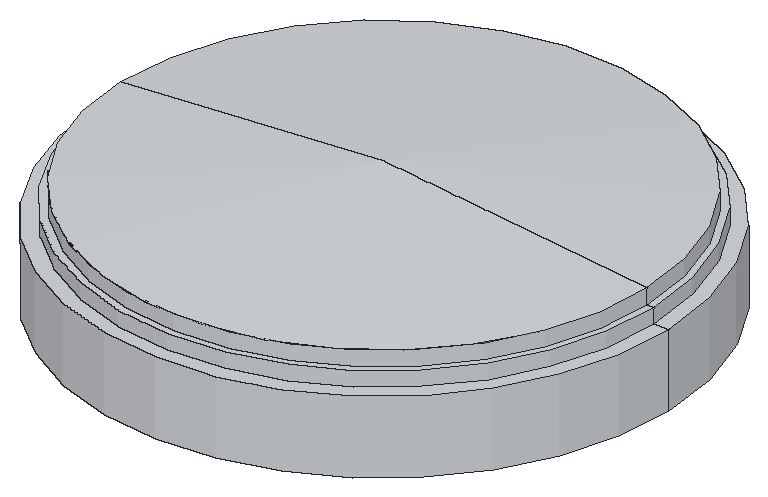
Revit family "EURS_63_LF_FB_WL140V", category Lighting Fixtures, host Face, Revit 2019
Family settings
  Host = Face
  Round Connector Dimension = Use Diameter
  Part Type = Normal
  Cut with Voids When Loaded = No
  Light Source = No
  Shared = Yes
  Room Calculation Point = No
Parameters (values of type "Type catalog")
  Width = 390 mm
  Voltage (V) = 230 V
  Visibility 2D symbol [instance] = yes
  Visibility 2D outline round [instance] = not(Visibility 2D symbol)  # no
  URL = "http://www.lighting.philips.com/main/home"
  Type Comments = "Face Based"
  Rim height = 5 mm
  Product catalog - URL = "MODEL WEBPAGE"
  Order code = "ORDER CODE"
  Model = ""
  Manufacturer = "Philips"
  Light source = 2 mm
  Light loss factor = ""
  Length = 390 mm
  Last IES update = "05-01-2022"
  Lamp type = WL140V IES Data : PSU 1 xLED12S_830 O
  Lamp = "LAMP TYPE"
  Initial luminous flux (lm) = ""
  Init. Corr. Color Temperature (K) = ""
  Height = 85 mm
  Fixture code = ""
  ETIM code URL = "ETIM CODE WEBPAGE"
  ETIM code = "MODEL ETIM CODE"
  EOC = ""
  Description = ""
  Default Elevation = 0 mm
  Content version = "1.0"
  Content modified date = "05-01-2022"
  Content creation date = "05-01-2022"
  Content Creator = "https://www.cadac.com/bimcontent"
  BIM Library - URL = "http://www.lighting.philips.com/main/support/support/revit-library#page=1"
  Armatuurcode [instance] = ""
  Apparent Load = 0 VA
  12NC = ""
Reference planes
  plane 1 "Center (Front/Back)": y = 0
  plane 2: z = 0
  plane 3 "Center (Left/Right)": x = 0
  plane 4: x = -195
  plane 5: y = -195
  plane 6: y = 195
  plane 7: x = 195
  plane 8: z = 85
  plane 9 "Light source": z = 87
Forms (mm)
  Extrusion 1, solid
    sketch origin (0, 0, 0) x (1, 0, 0) y (0, 1, 0)
      loop
        circle (-111, 120) r 10
      loop
        circle (111, 120) r 10
      loop
        circle (-111, -120) r 10
      loop
        circle (111, -120) r 10
    from -5 to 0
  Revolve 2, solid
    sketch origin (0, 0, 0) x (1, 0, 0) y (0, 0, 1)
      loop
        line (0, 0) -> (0, 50) -> (-180, 50) -> (-180, 60) -> (-185, 60) -> (-185, 50) -> (-195, 50) -> (-195, 0) -> (0, 0)
      axis (0, 60) -> (0, 0)
    angle from 0 to 360
  Revolve 3, solid
    sketch origin (0, 0, 0) x (1, 0, 0) y (0, 0, 1)
      loop
        line (-180, 50) -> (0, 50) -> (0, 85)
        arc (0, 85) -> (-90.298, 81.074) -> (-180, 70) r 1138.985
        line (-180, 70) -> (-180, 50)
      axis (0, 85) -> (0, 50)
    angle from 0 to 360
Dimensions and locks
  equal spacing: host sketch curve, plane 1 "Center (Front/Back)", host sketch curve
  equal spacing: host sketch curve, plane 3 "Center (Left/Right)", host sketch curve
  "Length": plane 4 to plane 7
  equal spacing: plane 4, plane 3 "Center (Left/Right)", plane 7
  equal spacing: plane 5, plane 1 "Center (Front/Back)", plane 6
  "Width": plane 5 to plane 6
  "Height": plane 8 to plane 2
  aligned and locked: plane 2 to host face
  aligned and locked: level to host face
Automatic sketch dimensions
  plane 4 to Extrusion 1 sketch curve = 84 mm  (x2)
  plane 7 to Extrusion 1 sketch curve = 84 mm  (x2)
  plane 5 to Extrusion 1 sketch curve = 75 mm  (x2)
  plane 6 to Extrusion 1 sketch curve = 75 mm  (x2)
  Revolve 2 sketch curve to plane 4 = 0 mm
  Revolve 2 sketch curve to plane 3 "Center (Left/Right)" = 0 mm
  Revolve 2 sketch curve to level = 0 mm
  plane 4 to Revolve 2 sketch curve = 10 mm
  Revolve 2 sketch curve to Revolve 2 sketch curve = 5 mm
  Revolve 2 sketch curve to plane 8 = 35 mm
  Revolve 2 sketch curve to Revolve 2 sketch curve = 0 mm
  Revolve 2 sketch curve to Revolve 2 sketch curve = 10 mm
  Revolve 3 sketch curve to plane 3 "Center (Left/Right)" = 0 mm
  Revolve 3 sketch curve to plane 8 = 0 mm
  plane 4 to Revolve 3 sketch curve = 15 mm
  plane 3 "Center (Left/Right)" to Revolve 3 sketch curve = 4.29 mm
  Revolve 3 sketch curve to plane 8 = 35 mm
  Revolve 3 sketch curve to level = 1053.977 mm
  radius of Extrusion 1 sketch curve = 10 mm  (x4)
Nested families
  nested 1: "2D-PL-Rond" at (0, 0, 0), visible <- "Visibility 2D outline round", Diameters <- "Length", type "2D symbool"
    with Diameters 390 mm
  nested 2: "2D-PL-Rond + symbool" at (0, 0, 0), Diameters <- "Length", visible <- "Visibility 2D symbol", type "2D symbool"
    with radius 195 mm, Diameters 390 mm
  nested 3: "WL140V IES Data" at (0, 0, 87) x (1, 0, 0) z (0, 0, -1), type <- "Lamp type", type "PSU 1 xLED12S_830 O"
Connectors
  electrical at (0, 0, 0), driven by "Apparent Load", driven by "Voltage (V)"
    settings: on host face, index 2, voltage 230 V, apparent load 0 VA, apparent load phase1 0 VA, apparent load phase2 0 VA, apparent load phase3 0 VA, power factor 1, load classification "Other", number of poles 1, system type 31, power factor state 1, is connector primary yes, connector utility no, sub classification motor no, connector description ""
Definition of nested family "2D-PL-Rond"
  Parameters (values of type "2D symbool")
    Diameters [instance] = 250 mm
    Description = "Armatuur symbool"
    Copyright © Cadac = "www.cadac.com/aec"
    Cadac content versie = ""
    Assembly Code = ""
  Reference planes
    plane 1 "Center (Front/Back)": y = 0
    plane 2: z = 0
    plane 3 "Center (Left/Right)": x = 0
  Lines and regions (mm)
    symbolic lines
      curve 1: circle (0, 0, 0) r 125 normal (0, 0, 1)
  Dimensions and locks
    "Diameters": diameter of curve 1
  Automatic sketch dimensions
    plane 1 "Center (Front/Back)" to curve 1 = 0 mm
    curve 1 to plane 3 "Center (Left/Right)" = 0 mm
Definition of nested family "2D-PL-Rond + symbool"
  Parameters (values of type "2D symbool")
    radius [instance] = Diameters / 2  # 125 mm
    Visibility 2D symbol = yes
    Diameters [instance] = 250 mm
    Description = "Armatuur symbool"
    Copyright © Cadac = "www.cadac.com/aec"
    Cadac content versie = ""
    Assembly Code = ""
  Reference planes
    plane 1 "Center (Front/Back)": y = 0
    plane 2: z = 0
    plane 3 "Center (Left/Right)": x = 0
  Lines and regions (mm)
    symbolic lines
      curve 1: circle (0, 0, 0) r 125 normal (0, 0, 1)
  Dimensions and locks
    "Diameters": diameter of curve 1
  Automatic sketch dimensions
    plane 1 "Center (Front/Back)" to curve 1 = 0 mm
    curve 1 to plane 3 "Center (Left/Right)" = 0 mm
  Nested families
    nested 1: "PL-opbouwarmatuur plafond rond" at (0, 0, 0), radius cirkel <- "radius", visible <- "Visibility 2D symbol", type "PL lichtpunt"
      with radius cirkel 125 mm, lengte symbool 162.5 mm, l1 140 mm, breedte symbool 150 mm, b1 52.5 mm
  Definition of nested family "PL-opbouwarmatuur plafond rond"
    Parameters (values of type "PL lichtpunt")
      radius cirkel [instance] = 200 mm
      lengte symbool [instance] = 162.5 mm
      l1 [instance] = 140 mm
      breedte symbool [instance] = radius cirkel + 25 mm  # 225 mm
      b1 [instance] = 52.5 mm
      Diameters = 74 mm
      Description = "PL lichtpunt"
      Copyright © Cadac = "www.cadac.com/aec"
      Cadac content versie = "4.0"  # constant formula
      Assembly Code = ""
    Reference planes
      plane 1 "Center (Front/Back)": y = 0
      plane 2: z = 0
      plane 3 "Center (Left/Right)": x = 0
      plane 4: y = 112.5
      plane 5: y = -112.5
    Lines and regions (mm)
      symbolic lines
        curve 1: circle (0, 0, 0) r 200 normal (0, 0, 1)
        curve 2: line (-165.359, 112.5, 0) -> (165.359, -112.5, 0)
        curve 3: line (-165.359, -112.5, 0) -> (165.359, 112.5, 0)
    Dimensions and locks
      equal spacing: plane 4, plane 1 "Center (Front/Back)", plane 5
      "breedte symbool": plane 4 to plane 5
      "radius cirkel": radius of curve 1
      aligned and locked: plane 4 to curve 2
      aligned and locked: plane 4 to curve 3
      aligned and locked: plane 5 to curve 3
      aligned and locked: plane 5 to curve 2
    Automatic sketch dimensions
      plane 1 "Center (Front/Back)" to curve 1 = 0 mm
      curve 1 to plane 3 "Center (Left/Right)" = 0 mm
Definition of nested family "WL140V IES Data"
  Parameters (values of type "WIA ELB3 1 xLED34S_840 O")
    Wattage = 38.5 W
    built-in parameter 1150110 = 1 (stored number, unit not read)
    built-in parameter 1114217 = 1 (stored number, unit not read)
    Tilt Angle = 90.00°
    built-in parameter 1150109 = 1 (stored number, unit not read)
    built-in parameter 1150134 = 12
    built-in parameter 1150113 = 1 (stored number, unit not read)
    Photometric Web File = "WL140V WIA ELB3 1 xLED34S_840 O.ies"
    Model = "WL140V"
    Manufacturer = "Philips"
    built-in parameter 1150105 = 270.56 (stored number, unit not read)
    Lumens = 3400 lm
    built-in parameter 1150115 = 1 (stored number, unit not read)
    built-in parameter 1150137 = (empty or 0)
    built-in parameter 1150139 = (empty or 0)
    built-in parameter 1150112 = 1 (stored number, unit not read)
    built-in parameter 1150114 = 1 (stored number, unit not read)
    Lamp = "LED34S/840"
    built-in parameter 1150132 = (empty or 0)
    built-in parameter 1150102 = (empty or 0)
    built-in parameter 1150107 = 4000 (stored number, unit not read)
    built-in parameter 1150138 = (empty or 0)
    built-in parameter 1150106 = 2.7056 (stored number, unit not read)
    Emit from Circle Diameter = 348 mm
    Emit Shape Visible in Rendering = yes
    built-in parameter 1150104 = 8.2044 (stored number, unit not read)
    Dimming Lamp Color Temperature Shift = (empty or 0)
    Description = ""
    Default Elevation = 0 mm
    Content Creator = "https://www.cadac.com/bimcontent"
    Color Filter = 16777215
    built-in parameter 1114218 = 1 (stored number, unit not read)
    built-in parameter 1150133 = 10 (stored number, unit not read)
    Apparent Load = 38.5 VA
  Types (42, lengths in mm): name | Wattage | built-in parameter 1150134 | Photometric Web File | built-in parameter 1150105 | Lumens | Lamp | built-in parameter 1150107 | built-in parameter 1150106 | built-in parameter 1150104 | Apparent Load
    WIA ELB3 1 xLED34S_840 O | 38.5 W | 12 | "WL140V WIA ELB3 1 xLED34S_840 O.ies" | 270.56 (stored number, unit not read) | 3400 lm | "LED34S/840" | 4000 (stored number, unit not read) | 2.7056 (stored number, unit not read) | 8.2044 (stored number, unit not read) | 38.5 VA
    WIA ELB3 1 xLED34S_830 O | 38.5 W | (empty or 0) | "WL140V WIA ELB3 1 xLED34S_830 O.ies" | 266.58 (stored number, unit not read) | 3350 lm | "LED34S/830" | 3000 (stored number, unit not read) | 2.6658 (stored number, unit not read) | 8.0838 (stored number, unit not read) | 38.5 VA
    WIA ELB3 1 xLED20S_840 O | 25 W | 12 | "WL140V WIA ELB3 1 xLED20S_840 O.ies" | 175.07 (stored number, unit not read) | 2200 lm | "LED20S/840" | 4000 (stored number, unit not read) | 1.7507 (stored number, unit not read) | 8.1755 (stored number, unit not read) | 25 VA
    WIA ELB3 1 xLED20S_830 O | 25 W | (empty or 0) | "WL140V WIA ELB3 1 xLED20S_830 O.ies" | 167.11 (stored number, unit not read) | 2100 lm | "LED20S/830" | 3000 (stored number, unit not read) | 1.6711 (stored number, unit not read) | 7.8039 (stored number, unit not read) | 25 VA
    WIA 1 xLED34S_840 O | 35.5 W | 12 | "WL140V WIA 1 xLED34S_840 O.ies" | 270.56 (stored number, unit not read) | 3400 lm | "LED34S/840" | 4000 (stored number, unit not read) | 2.7056 (stored number, unit not read) | 8.8978 (stored number, unit not read) | 35.5 VA
    WIA 1 xLED34S_830 O | 35.5 W | (empty or 0) | "WL140V WIA 1 xLED34S_830 O.ies" | 266.58 (stored number, unit not read) | 3350 lm | "LED34S/830" | 3000 (stored number, unit not read) | 2.6658 (stored number, unit not read) | 8.7669 (stored number, unit not read) | 35.5 VA
    WIA 1 xLED20S_840 O | 22 W | 12 | "WL140V WIA 1 xLED20S_840 O.ies" | 175.07 (stored number, unit not read) | 2200 lm | "LED20S/840" | 4000 (stored number, unit not read) | 1.7507 (stored number, unit not read) | 9.2903 (stored number, unit not read) | 22 VA
    WIA 1 xLED20S_830 O | 22 W | (empty or 0) | "WL140V WIA 1 xLED20S_830 O.ies" | 167.11 (stored number, unit not read) | 2100 lm | "LED20S/830" | 3000 (stored number, unit not read) | 1.6711 (stored number, unit not read) | 8.868 (stored number, unit not read) | 22 VA
    PSU MDU 1 xLED20S_840 O | 19 W | 12 | "WL140V PSU MDU 1 xLED20S_840 O.ies" | 155.18 (stored number, unit not read) | 1950 lm | "LED20S/840" | 4000 (stored number, unit not read) | 1.5518 (stored number, unit not read) | 9.5348 (stored number, unit not read) | 19 VA
    PSU MDU 1 xLED20S_830 O | 19 W | (empty or 0) | "WL140V PSU MDU 1 xLED20S_830 O.ies" | 147.22 (stored number, unit not read) | 1850 lm | "LED20S/830" | 3000 (stored number, unit not read) | 1.4722 (stored number, unit not read) | 9.0458 (stored number, unit not read) | 19 VA
    PSU 1 xLED34S_TWH O | 33 W | (empty or 0) | "WL140V PSU 1 xLED34S_TWH O.ies" | 262.61 (stored number, unit not read) | 3300 lm | "LED34S/TWH" | 3000 (stored number, unit not read) | 2.6261 (stored number, unit not read) | 9.2903 (stored number, unit not read) | 33 VA
    PSU 1 xLED34S_840 O | 32 W | 12 | "WL140V PSU 1 xLED34S_840 O.ies" | 270.56 (stored number, unit not read) | 3400 lm | "LED34S/840" | 4000 (stored number, unit not read) | 2.7056 (stored number, unit not read) | 9.8709 (stored number, unit not read) | 32 VA
    PSU 1 xLED34S_830 O | 32 W | (empty or 0) | "WL140V PSU 1 xLED34S_830 O.ies" | 266.58 (stored number, unit not read) | 3350 lm | "LED34S/830" | 3000 (stored number, unit not read) | 2.6658 (stored number, unit not read) | 9.7258 (stored number, unit not read) | 32 VA
    PSU 1 xLED20S_TWH O | 20 W | (empty or 0) | "WL140V PSU 1 xLED20S_TWH O.ies" | 159.15 (stored number, unit not read) | 2000 lm | "LED20S/TWH" | 3000 (stored number, unit not read) | 1.5915 (stored number, unit not read) | 9.2903 (stored number, unit not read) | 20 VA
    PSU 1 xLED20S_840 O | 20 W | 12 | "WL140V PSU 1 xLED20S_840 O.ies" | 175.07 (stored number, unit not read) | 2200 lm | "LED20S/840" | 4000 (stored number, unit not read) | 1.7507 (stored number, unit not read) | 10.219 (stored number, unit not read) | 20 VA
    PSU 1 xLED20S_830 O | 20 W | (empty or 0) | "WL140V PSU 1 xLED20S_830 O.ies" | 167.11 (stored number, unit not read) | 2100 lm | "LED20S/830" | 3000 (stored number, unit not read) | 1.6711 (stored number, unit not read) | 9.7548 (stored number, unit not read) | 20 VA
    PSU 1 xLED12S_840 O | 12 W | 12 | "WL140V PSU 1 xLED12S_840 O.ies" | 107.43 (stored number, unit not read) | 1350 lm | "LED12S/840" | 4000 (stored number, unit not read) | 1.0743 (stored number, unit not read) | 10.452 (stored number, unit not read) | 12 VA
    PSU 1 xLED12S_830 O | 12 W | (empty or 0) | "WL140V PSU 1 xLED12S_830 O.ies" | 101.46 (stored number, unit not read) | 1275 lm | "LED12S/830" | 3000 (stored number, unit not read) | 1.0146 (stored number, unit not read) | 9.8709 (stored number, unit not read) | 12 VA
    PSR MDU 1 xLED34S_840 O | 30 W | 12 | "WL140V PSR MDU 1 xLED34S_840 O.ies" | 246.69 (stored number, unit not read) | 3100 lm | "LED34S/840" | 4000 (stored number, unit not read) | 2.4669 (stored number, unit not read) | 9.6 (stored number, unit not read) | 30 VA
    PSR MDU 1 xLED34S_830 O | 30 W | (empty or 0) | "WL140V PSR MDU 1 xLED34S_830 O.ies" | 234.75 (stored number, unit not read) | 2950 lm | "LED34S/830" | 3000 (stored number, unit not read) | 2.3475 (stored number, unit not read) | 9.1355 (stored number, unit not read) | 30 VA
    PSR MDU 1 xLED20S_840 O | 23 W | 12 | "WL140V PSR MDU 1 xLED20S_840 O.ies" | 175.07 (stored number, unit not read) | 2200 lm | "LED20S/840" | 4000 (stored number, unit not read) | 1.7507 (stored number, unit not read) | 8.8864 (stored number, unit not read) | 23 VA
    PSR MDU 1 xLED20S_830 O | 23 W | (empty or 0) | "WL140V PSR MDU 1 xLED20S_830 O.ies" | 167.11 (stored number, unit not read) | 2100 lm | "LED20S/830" | 3000 (stored number, unit not read) | 1.6711 (stored number, unit not read) | 8.4825 (stored number, unit not read) | 23 VA
    PSR MDU 1 xLED12S_840 O | 12 W | 12 | "WL140V PSR MDU 1 xLED12S_840 O.ies" | 99.472 (stored number, unit not read) | 1250 lm | "LED12S/840" | 4000 (stored number, unit not read) | 0.99472 (stored number, unit not read) | 9.6774 (stored number, unit not read) | 12 VA
    PSR MDU 1 xLED12S_830 O | 12 W | (empty or 0) | "WL140V PSR MDU 1 xLED12S_830 O.ies" | 95.493 (stored number, unit not read) | 1200 lm | "LED12S/830" | 3000 (stored number, unit not read) | 0.95493 (stored number, unit not read) | 9.2903 (stored number, unit not read) | 12 VA
    PSR ELB3 MDU 1 xLED34S_840 O | 38.5 W | 12 | "WL140V PSR ELB3 MDU 1 xLED34S_840 O.ies" | 246.69 (stored number, unit not read) | 3100 lm | "LED34S/840" | 4000 (stored number, unit not read) | 2.4669 (stored number, unit not read) | 7.4805 (stored number, unit not read) | 38.5 VA
    PSR ELB3 MDU 1 xLED34S_830 O | 38.5 W | (empty or 0) | "WL140V PSR ELB3 MDU 1 xLED34S_830 O.ies" | 234.75 (stored number, unit not read) | 2950 lm | "LED34S/830" | 3000 (stored number, unit not read) | 2.3475 (stored number, unit not read) | 7.1185 (stored number, unit not read) | 38.5 VA
    PSR ELB3 MDU 1 xLED20S_840 O | 28.5 W | 12 | "WL140V PSR ELB3 MDU 1 xLED20S_840 O.ies" | 175.07 (stored number, unit not read) | 2200 lm | "LED20S/840" | 4000 (stored number, unit not read) | 1.7507 (stored number, unit not read) | 7.1715 (stored number, unit not read) | 28.5 VA
    PSR ELB3 MDU 1 xLED20S_830 O | 28.5 W | (empty or 0) | "WL140V PSR ELB3 MDU 1 xLED20S_830 O.ies" | 167.11 (stored number, unit not read) | 2100 lm | "LED20S/830" | 3000 (stored number, unit not read) | 1.6711 (stored number, unit not read) | 6.8455 (stored number, unit not read) | 28.5 VA
    PSR ELB3 MDU 1 xLED12S_840 O | 16.5 W | 12 | "WL140V PSR ELB3 MDU 1 xLED12S_840 O.ies" | 99.472 (stored number, unit not read) | 1250 lm | "LED12S/840" | 4000 (stored number, unit not read) | 0.99472 (stored number, unit not read) | 7.0381 (stored number, unit not read) | 16.5 VA
    PSR ELB3 MDU 1 xLED12S_830 O | 16.5 W | (empty or 0) | "WL140V PSR ELB3 MDU 1 xLED12S_830 O.ies" | 95.493 (stored number, unit not read) | 1200 lm | "LED12S/830" | 3000 (stored number, unit not read) | 0.95493 (stored number, unit not read) | 6.7566 (stored number, unit not read) | 16.5 VA
    PSED ELB3 1 xLED34S_840 O | 38.5 W | 12 | "WL140V PSED ELB3 1 xLED34S_840 O.ies" | 270.56 (stored number, unit not read) | 3400 lm | "LED34S/840" | 4000 (stored number, unit not read) | 2.7056 (stored number, unit not read) | 8.2044 (stored number, unit not read) | 38.5 VA
    PSED ELB3 1 xLED34S_830 O | 38.5 W | (empty or 0) | "WL140V PSED ELB3 1 xLED34S_830 O.ies" | 266.58 (stored number, unit not read) | 3350 lm | "LED34S/830" | 3000 (stored number, unit not read) | 2.6658 (stored number, unit not read) | 8.0838 (stored number, unit not read) | 38.5 VA
    PSED ELB3 1 xLED20S_840 O | 25 W | 12 | "WL140V PSED ELB3 1 xLED20S_840 O.ies" | 175.07 (stored number, unit not read) | 2200 lm | "LED20S/840" | 4000 (stored number, unit not read) | 1.7507 (stored number, unit not read) | 8.1755 (stored number, unit not read) | 25 VA
    PSED ELB3 1 xLED20S_830 O | 25 W | (empty or 0) | "WL140V PSED ELB3 1 xLED20S_830 O.ies" | 167.11 (stored number, unit not read) | 2100 lm | "LED20S/830" | 3000 (stored number, unit not read) | 1.6711 (stored number, unit not read) | 7.8039 (stored number, unit not read) | 25 VA
    PSED ELB3 1 xLED12S_840 O | 16.5 W | 12 | "WL140V PSED ELB3 1 xLED12S_840 O.ies" | 99.472 (stored number, unit not read) | 1250 lm | "LED12S/840" | 4000 (stored number, unit not read) | 0.99472 (stored number, unit not read) | 7.0381 (stored number, unit not read) | 16.5 VA
    PSED ELB3 1 xLED12S_830 O | 16.5 W | (empty or 0) | "WL140V PSED ELB3 1 xLED12S_830 O.ies" | 95.493 (stored number, unit not read) | 1200 lm | "LED12S/830" | 3000 (stored number, unit not read) | 0.95493 (stored number, unit not read) | 6.7566 (stored number, unit not read) | 16.5 VA
    PSED 1 xLED34S_840 O | 35.5 W | 12 | "WL140V PSED 1 xLED34S_840 O.ies" | 270.56 (stored number, unit not read) | 3400 lm | "LED34S/840" | 4000 (stored number, unit not read) | 2.7056 (stored number, unit not read) | 8.8978 (stored number, unit not read) | 35.5 VA
    PSED 1 xLED34S_830 O | 35.5 W | (empty or 0) | "WL140V PSED 1 xLED34S_830 O.ies" | 266.58 (stored number, unit not read) | 3350 lm | "LED34S/830" | 3000 (stored number, unit not read) | 2.6658 (stored number, unit not read) | 8.7669 (stored number, unit not read) | 35.5 VA
    PSED 1 xLED20S_840 O | 22 W | 12 | "WL140V PSED 1 xLED20S_840 O.ies" | 175.07 (stored number, unit not read) | 2200 lm | "LED20S/840" | 4000 (stored number, unit not read) | 1.7507 (stored number, unit not read) | 9.2903 (stored number, unit not read) | 22 VA
    PSED 1 xLED20S_830 O | 22 W | (empty or 0) | "WL140V PSED 1 xLED20S_830 O.ies" | 167.11 (stored number, unit not read) | 2100 lm | "LED20S/830" | 3000 (stored number, unit not read) | 1.6711 (stored number, unit not read) | 8.868 (stored number, unit not read) | 22 VA
    PSED 1 xLED12S_840 O | 13.5 W | 12 | "WL140V PSED 1 xLED12S_840 O.ies" | 99.472 (stored number, unit not read) | 1250 lm | "LED12S/840" | 4000 (stored number, unit not read) | 0.99472 (stored number, unit not read) | 8.6021 (stored number, unit not read) | 13.5 VA
    PSED 1 xLED12S_830 O | 13.5 W | (empty or 0) | "WL140V PSED 1 xLED12S_830 O.ies" | 95.493 (stored number, unit not read) | 1200 lm | "LED12S/830" | 3000 (stored number, unit not read) | 0.95493 (stored number, unit not read) | 8.258 (stored number, unit not read) | 13.5 VA
  Reference planes
    plane 1 "Center (Front/Back)": y = 0
    plane 2: z = 0
    plane 3 "Center (Left/Right)": x = 0
  Forms (mm)
    Extrusion 1, solid
      sketch origin (0, 0, 0) x (1, 0, 0) y (0, 1, 0)
        loop
          line (-1219.2, 1219.2) -> (-1219.2, -1219.2) -> (1219.2, -1219.2) -> (1219.2, 1219.2) -> (-1219.2, 1219.2)
      from 0 to 123.942
  Dimensions and locks
    aligned and locked: plane 2 to Extrusion 1
    aligned and locked: level to Extrusion 1
